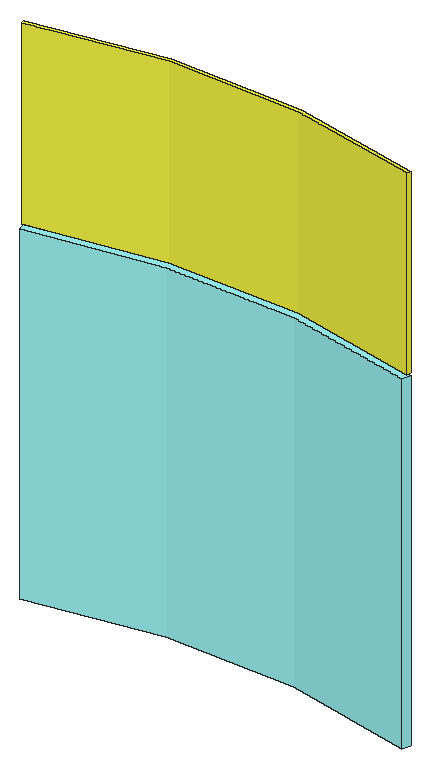
Revit family "EXP_WT-1A_CPan-008", category Curtain Panels, Revit 2021
Family settings
  OmniClass Number = 23.25.20.14.11.11.17
  OmniClass Title = Infill Panels
  Always vertical = Yes
  Cut with Voids When Loaded = Yes
  Shared = No
Parameters (values of type "R = 18'  0" _ H2 = 8' 5 1/2"")
  UI-UnitNumber [instance] = "01"
  UI-Quadrant [instance] = "SE"
  UI-ProjectAbbreviation = "NEU"
  UI-ItemCategory = "PID"
  UI-FloorNumber [instance] = "03"
  PNT-WallType = "WT1A"
  PNT-ProjectAbbreviation = "NEU"
  PNT-PanelType [instance] = "01"
  PNT-ItemCategory = "PNL"
  GlassSPH2(x2) [instance] = 0' - 2 3/8"
  GlassSPH1 [instance] = 0' - 1 1/8"
  GlassH2 [instance] = IG-1C(Glass)
  GlassH1 [instance] = IG-3C(Glass)
  Description = "Curve"
  Define Thermal Properties by = Schematic Type
  CellSp = 0' - 10 3/16"
  CellRayIN [instance] = CellRayEX - CellSp  # 17' - 1 13/16"
  CellRayEX = 18' - 0"
  CellLArch [instance] = 9' - 11.6335"
  CellH2 = 8' - 5 1/2"
  CellH1 [instance] = CellH - CellH2  # 4' - 7.98031"
  CellH [instance] = 13' - 1.48031"
  Analytic Construction = "<None>"
Types (6): name | CellRayIN | CellRayEX | CellLArch | CellH2 | CellH1
  R = 18'  0" _ H2 = 8' 5 1/2" | 17' - 1 13/16" | 18' - 0" | 9' - 11.6335" | 8' - 5 1/2" | 4' - 7.98031"
  R = 10'  6" _ H2 = 8' 5 1/2" | 9' - 7 13/16" | 10' - 6" | 10' - 2.92782" | 8' - 5 1/2" | 4' - 7.98031"
  R = 10'  6" _ H2 = 9' 8" | 9' - 7 13/16" | 10' - 6" | 10' - 2.92782" | 9' - 8" | 3' - 5.48031"
  R = 10'  6" _ H2 = 6' 0 1/2" | 9' - 7 13/16" | 10' - 6" | 10' - 2.92782" | 6' - 0 1/2" | 7' - 0.98031"
  R = 18'  0" _ H2 = 9' 8" | 17' - 1 13/16" | 18' - 0" | 9' - 11.6335" | 9' - 8" | 3' - 5.48031"
  R = 10'  6" _ H2 = 9'  11 1/2" | 9' - 7 13/16" | 10' - 6" | 10' - 2.92782" | 9' - 11 1/2" | 3' - 1.98031"
Reference planes (in)
  plane 1 "Center (Front/Back)": y = 0
  plane 2: z = 0
  plane 3 "Center (Left/Right)": x = 0
  plane 4 "Left": x = -59.05512
  plane 5 "Right": x = 59.05512
  plane 6 "Top": z = 157.48031
  plane 7: z = 101.5
Forms (in)
  Extrusion 1, solid, material "IG-1C(Glass)" <- "GlassH2", detail levels coarse+medium
    sketch origin (0, 0, 0) x (1, 0, 0) y (0, 1, 0)
      loop
        line (-59.05512, 0) -> (-56.26982, -9.79935)
        arc (-56.26982, -9.79935) -> (0, -1.95779) -> (56.26982, -9.79935) r 205.8125
        line (56.26982, -9.79935) -> (59.05512, 0)
        arc (59.05512, 0) -> (0, 8.22971) -> (-59.05512, 0) r 216
    from 0 to 101.5
  Extrusion 2, solid, material "IG-3C(Glass)" <- "GlassH1", detail levels coarse+medium
    sketch origin (0, 0, 0) x (1, 0, 0) y (0, 1, 0)
      loop
        arc (59.05512, 0) -> (0, 8.22971) -> (-59.05512, 0) r 216
        line (-59.05512, 0) -> (-56.26982, -9.79935)
        arc (-56.26982, -9.79935) -> (0, -1.95779) -> (56.26982, -9.79935) r 205.8125
        line (56.26982, -9.79935) -> (59.05512, 0)
    from 101.5 to 157.48031
Lines and regions (in)
  reference lines
    curve 1: line (59.05512, 0, 0) -> (0, -207.77029, 0)
    curve 2: line (-59.05512, 0, 0) -> (0, -207.77029, 0)
    curve 3: line (59.05512, 0, 0) -> (33.30348, 7.31946, 0)
    curve 4: line (-59.05512, 0, 0) -> (-31.03127, 7.96529, 0)
  model lines
    curve 5: arc (-59.05512, 0, 0) -> (0, 8.22971, 0) -> (59.05512, 0, 0) r 216
    curve 6: line (-59.05512, 0, 0) -> (-56.26982, -9.79935, 0)
    curve 7: line (59.05512, 0, 0) -> (56.26982, -9.79935, 0)
    curve 8: arc (56.26982, -9.79935, 0) -> (0, -1.95779, 0) -> (-56.26982, -9.79935, 0) r 205.8125
Text (in)
  text "Exterior" at (-92.59733, 55.75508, 0), in view "Ref. Level"
  text "Exterior" at (0, 90.18664, 173.49264), in view "Left"
  text "Exterior" at (0, 52.29083, 162.21847), in view "Right"
Dimensions and locks (in)
  equal spacing: plane 4 "Left", plane 3 "Center (Left/Right)", plane 5 "Right"
  "CellRayEX": curve 2 to curve 2
  "CellRayEX": curve 2 to curve 1
  "CellSp": curve 6 to curve 6
  "CellSp": curve 7 to curve 7
  "CellH": plane 2 to plane 6 "Top"
  "CellH2": plane 2 to plane 7
  "CellH1": plane 7 to plane 6 "Top"
  "CellRayEX": radius of curve 5
  locked: curve 2 to curve 4 (angle 90.00°)
  locked: curve 3 to curve 1 (angle 90.00°)
  "CellLArch": arc length of Extrusion 1  (x2)
  aligned and locked: level to plane 2
  aligned and locked: curve 6 to curve 2
  aligned and locked: curve 7 to curve 1
  aligned and locked: Extrusion 1 sketch curve to curve 5
  aligned and locked: Extrusion 1 sketch curve to curve 8
  aligned and locked: Extrusion 1 sketch curve to curve 7
  aligned and locked: Extrusion 1 sketch curve to curve 6
  aligned and locked: Extrusion 1 to level
  aligned and locked: plane 7 to Extrusion 1
  aligned and locked: Extrusion 2 sketch curve to Extrusion 1  (x4)
  aligned and locked: Extrusion 2 to plane 6 "Top"
  aligned and locked: Extrusion 2 to plane 7
  aligned and locked: plane 4 "Left" to nested 1
  aligned and locked: plane 5 "Right" to nested 1
  aligned and locked: plane 1 "Center (Front/Back)" to nested 1
  aligned and locked: nested 1 to plane 6 "Top"
  aligned and locked: plane 7 to nested 1
  aligned and locked: plane 4 "Left" to nested 2
  aligned and locked: plane 5 "Right" to nested 2
  aligned and locked: plane 1 "Center (Front/Back)" to nested 2
  aligned and locked: plane 7 to nested 2
  aligned and locked: plane 2 to nested 2
Automatic sketch dimensions
  curve 5 to curve 8 = 0' - 0"
  plane 1 "Center (Front/Back)" to curve 5 = 0' - 0"
  curve 8 to plane 3 "Center (Left/Right)" = 0' - 0"
  plane 1 "Center (Front/Back)" to curve 4 = 0' - 0"
  curve 4 to plane 4 "Left" = 0' - 0"
  curve 2 to plane 3 "Center (Left/Right)" = 0' - 0"
  plane 1 "Center (Front/Back)" to curve 3 = 0' - 0"
Nested families (in)
  nested 1: "EXP_WT-1x_IG-010" at (0, 0, 129.49016), GlassRayEX <- "CellRayEX", GlassSP <- "GlassSPH1", MaterialGlass <- "GlassH1", type "GlassSP = H1", detail levels fine
    with MaterialGlass IG-3C(Glass), GlassSP 0' - 1 1/8", GlassRayIN 17' - 10 7/8", GlassRayEX 18' - 0", GlassL 9' - 8.23622", GlassH 4' - 6.29134", CellL 9' - 10.11024", CellH 4' - 7.98031"
  nested 2: "EXP_WT-1x_IG-010" at (0, 0, 50.75), GlassRayEX <- "CellRayEX", GlassSP <- "GlassSPH2(x2)", MaterialGlass <- "GlassH2", type "GlassSP = H2(x2)", detail levels fine
    with MaterialGlass IG-1C(Glass), GlassSP 0' - 2 3/8", GlassRayIN 17' - 9 5/8", GlassRayEX 18' - 0", GlassL 9' - 8.23622", GlassH 8' - 3.56299", CellL 9' - 10.11024", CellH 8' - 5 1/2"
Definition of nested family "EXP_WT-1x_IG-010"
  Parameters (values of type "GlassSP = H3")
    MaterialGlass [instance] = none
    GlassSP [instance] = 0' - 1.25197"
    GlassRayIN [instance] = GlassRayEX - GlassSP  # 17' - 10.74803"
    GlassRayEX [instance] = 18' - 0"
    GlassL [instance] = CellL - (GlassD1 + GlassD3)  # 3' - 10.94488"
    GlassH [instance] = CellH - (GlassD2 + GlassD4)  # 6' - 6.64788"
    GlassD4 = 0' - 1.43701"
    GlassD3 = 0' - 0.93701"
    GlassD2 = 0' - 0 1/2"
    GlassD1 = 0' - 0.93701"
    GMPI-ProjectAbbreviation = "NEU"
    GMPI-IteamCategory = "GLS"
    Default Elevation = 0' - 0"
    CellL [instance] = 4' - 0.8189"
    CellH [instance] = 6' - 8.58489"
  Types (5): name | GlassH | GlassD4 | GlassD2
    GlassSP = H3 | 6' - 6.64788" | 0' - 1.43701" | 0' - 0 1/2"
    GlassSP = H2(x3) | 6' - 7.83292" | 0' - 0.25197" | 0' - 0 1/2"
    GlassSP = H2(x2) | 6' - 6.64788" | 0' - 1.43701" | 0' - 0 1/2"
    GlassSP = H1 | 6' - 6.89592" | 0' - 0.25197" | 0' - 1.43701"
    GlassSP = H | 6' - 5.71088" | 0' - 1.43701" | 0' - 1.43701"
  Reference planes (in)
    plane 1 "Center (Front/Back)": y = 0
    plane 2: z = 0
    plane 3 "Center (Left/Right)": x = 0
    plane 4: z = 40.29245
    plane 5: z = -40.29245
    plane 6: z = 39.79245
    plane 7: z = -38.85544
    plane 8: x = -24.40945
    plane 9: x = 24.40945
  Forms (in)
    Extrusion 1, solid, material <- "MaterialGlass"
      sketch origin (0, 0, 0) x (1, 0, 0) y (0, 1, 0)
        loop
          line (-23.47821, 0.10387) -> (-23.33673, -1.14009)
          arc (-23.33673, -1.14009) -> (0, 0.13168) -> (23.33673, -1.14009) r 214.74803
          line (23.33673, -1.14009) -> (23.47821, 0.10387)
          arc (23.47821, 0.10387) -> (0, 1.38365) -> (-23.47821, 0.10387) r 216
      from -38.85544 to 39.79245
  Lines and regions (in)
    reference lines
      curve 1: line (-24.40945, 0, 0) -> (0, -214.61635, 0)
      curve 2: line (0, -214.61635, 0) -> (24.40945, 0, 0)
      curve 4: line (-6.33555, -150.62035, 0) -> (18.07389, -365.2367, 0)
      curve 5: line (-18.07389, -365.2367, 0) -> (6.33555, -150.62035, 0)
    model lines, not visible
      curve 3: arc (-24.40945, 0, 0) -> (0, 1.38365, 0) -> (24.40945, 0, 0) r 216
  Dimensions and locks (in)
    equal spacing: plane 4, level, plane 5
    "CellH": plane 4 to plane 5
    "GlassD2": plane 4 to plane 6
    "GlassD4": plane 7 to plane 5
    equal spacing: plane 8, plane 3 "Center (Left/Right)", plane 9
    "GlassRayEX": curve 2 to curve 2
    "GlassRayEX": curve 1 to curve 1
    "GlassD1": curve 1 to curve 4
    "GlassD3": curve 2 to curve 5
    "CellL": plane 8 to plane 9
    "GlassRayEX": radius of curve 3
    "GlassRayIN": radius of Extrusion 1 sketch curve
    aligned and locked: level to plane 2
    aligned and locked: Extrusion 1 sketch curve to curve 3
    aligned and locked: Extrusion 1 sketch curve to curve 4
    aligned and locked: curve 5 to Extrusion 1 sketch curve
    aligned and locked: plane 6 to Extrusion 1
    aligned and locked: Extrusion 1 to plane 7
  Automatic sketch dimensions
    plane 1 "Center (Front/Back)" to curve 3 = 0' - 0"  (x2)
    curve 3 to plane 8 = 0' - 0"
    curve 3 to plane 3 "Center (Left/Right)" = 0' - 0"
    plane 1 "Center (Front/Back)" to curve 1 = 0' - 0"
    curve 1 to plane 8 = 0' - 0"
    curve 2 to plane 3 "Center (Left/Right)" = 0' - 0"
    plane 1 "Center (Front/Back)" to curve 2 = 0' - 0"
    curve 5 to plane 8 = 0' - 6.33555"
    curve 4 to plane 3 "Center (Left/Right)" = 0' - 6.33555"
    plane 3 "Center (Left/Right)" to curve 5 = 0' - 6.33555"
    plane 9 to curve 4 = 0' - 6.33555"
    Extrusion 1 sketch curve to Extrusion 1 sketch curve = 0' - 0"  (x2)
